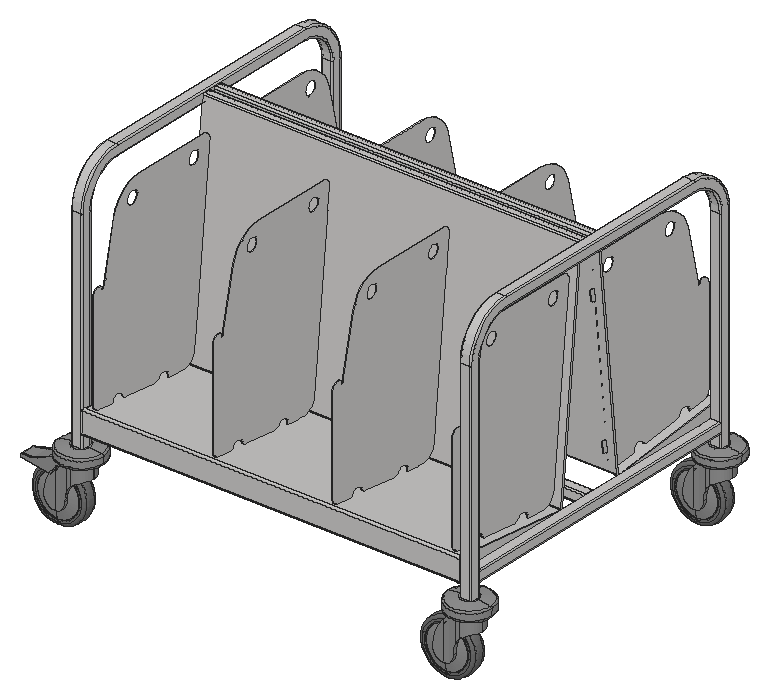
Revit family "QF_BPRO_TWH 2N_575185", category Sonderausstattung, Revit 2018
Family settings
  Bemaßung runder Anschluss = Durchmesser verwenden
  Teiletyp = Normal
  Arbeitsebenenbasiert = Nein
  Immer vertikal = Ja
  Beim Laden mit Abzugskörper schneiden = Nein
  Gemeinsam genutzt = Nein
  Raumberechnungspunkt = Nein
Parameters (values of type "TWH 2N")
  Zubehör = yes
  Warnhinweise = ""
  URL = "https://www.bpro-solutions.com/"
  Typenkommentare = "Tellerwagen"
  Tiefe = 811 mm
  Modell = "TWH 2N"
  Material Stoßschutz = QF_Plastic-Dark_Grey-Matt
  Material Rollen = QF_Plastic-Dark_Grey-Matt
  Material = QF_Metal-Stainless-Steel_general
  Länge Gerätebreite = 984 mm
  Kosten = 1109.9
  Internetadresse für Ersatzteilliste = ""
  Internetadresse Gerätehersteller = "https://www.bpro-solutions.com/"
  ID [instance] = ""
  Höhe = 750 mm
  Hersteller = "B.PRO GmbH"
  Großküchengerätezuordnung = yes
  Gerätegewicht Netto = 44.00 kg
  Freiraum [instance] = no
  CE Kennzeichnung = yes
  Beschreibung durch Hersteller analog Leistungsverzeichnislangtext = "Abmessungen\n\nLänge:\t\t\t984 mm\nBreite:\t\t811 mm  \nHöhe:\t\t750 mm\n\n\nAusführung\n\nDer Tellerwagen ist komplett aus CNS 18/10 hergestellt. Das Rahmengestell besteht aus stabilem Vierkantrohr 25x25 mm. Dazwischen befindet sich die verschweißte Rückwand und das schräg zur Rückwand geneigte Abstellbord.\nAnhand der 8 einhängbaren Trennbleche lassen sich mithilfe des Lochrasters im Boden und der Rückwand die jeweiligen Tellergrößen flexibel einstellen.\nDer Wagen ist zweiseitig beschickbar und passend für Teller mit einem Durchmesser bis max. 260 mm. \n\nDer Tellerwagen ist fahrbar mittels rostfreien Kunststoffrollen gemäß DIN 18867-8 (4 Lenkrollen, davon 2 mit Feststeller, Rollendurchmesser 125 mm). An allen vier Ecken befinden sich runde Wandabweiser.\n\n\nTechnische Daten\n\nWerkstoff:\tCNS 18/10\t\nGesamttragfähigkeit:\t210 kg\t\nKapazität:\t300 Teller, passend für \tTeller max. 260 mm \n\t\n\nBesonderheit\n\n•\tInkl. 8 einhängbarenTrennblechen zur flexiblen Einstellung der gewünschten Tellergröße\n\n\nFabrikat\n\nHersteller:\t\t\tB.PRO\nModell:\tTWH 2N\nBest.Nr.\t575 185"
  Description = "TWH 2N\nTellerwagen für 2-seitige Beschickung,\nniedrige Ausführung,\nkomplett aus rostfreiem Edelstahl,\ninkl. 8 einhängbaren Trennblechen zur\nflexiblen Einstellung auf die jeweilige\nTellergröße,\nBordmaß: 858 x 288 mm\nEntnahmehöhe unten: 255 mm\nFassungsvermögen: bis zu 300 Teller,\nø 26 cm"
  Artikel Nummer = "575185"
Reference planes
  plane 1 "Mitte (Vorne/hinten)": y = 0
  plane 2: z = 0
  plane 3 "Mitte (Links/rechts)": x = 0
  plane 4 "v": x = -441.5
  plane 5 "h": x = 441.5
  plane 6 "l": y = -355
  plane 7 "r": y = 355
  plane 8: x = 454
  plane 9: x = 429
  plane 10: y = 190
  plane 11: y = 165
  plane 12: x = 492.019
  plane 13: y = 405.519
  plane 14: y = -405.519
Forms (mm)
  Extrusion 1, solid, visible <- "Freiraum"
    sketch origin (-330, 330.009, 0) x (1, 0, 0) y (0, 1, 0)
      loop
        line (-162.019, 75.509) -> (-162.019, -735.528) -> (822.019, -735.528) -> (822.019, 75.509) -> (-162.019, 75.509)
    from 0 to 750
  Extrusion 2, solid, material "QF_Metal-Stainless-Steel_general" <- "Material"
    sketch origin (0, 0, 0) x (1, 0, 0) y (0, 0, 1)
      loop
        arc (-451, 226) -> (-453.121, 225.121) -> (-454, 223) r 3
        line (-454, 223) -> (-454, 204)
        arc (-454, 204) -> (-453.121, 201.879) -> (-451, 201) r 3
        line (-451, 201) -> (-432, 201)
        arc (-432, 201) -> (-429.879, 201.879) -> (-429, 204) r 3
        line (-429, 204) -> (-429, 223)
        arc (-429, 223) -> (-429.879, 225.121) -> (-432, 226) r 3
        line (-432, 226) -> (-451, 226)
      loop
        line (451, 226) -> (432, 226)
        arc (432, 226) -> (429.879, 225.121) -> (429, 223) r 3
        line (429, 223) -> (429, 204)
        arc (429, 204) -> (429.879, 201.879) -> (432, 201) r 3
        line (432, 201) -> (451, 201)
        arc (451, 201) -> (453.121, 201.879) -> (454, 204) r 3
        line (454, 204) -> (454, 223)
        arc (454, 223) -> (453.121, 225.121) -> (451, 226) r 3
    from -342.5 to 342.5
  Extrusion 3, solid, material "QF_Metal-Stainless-Steel_general" <- "Material"
    sketch origin (0, -177.5, 0) x (0, 1, 0) y (0, 0, 1)
      loop
        line (-168, 200.156) -> (-168, 201.656) -> (-186.545, 201.656)
        arc (-186.545, 201.656) -> (-187.927, 202.229) -> (-188.5, 203.612) r 1.955
        line (-188.5, 203.612) -> (-188.5, 251.236)
        arc (-188.5, 251.236) -> (-187.828, 252.745) -> (-186.258, 253.255) r 2.03
        line (-186.258, 253.255) -> (94.933, 223.7)
        arc (94.933, 223.7) -> (97.5, 224.461) -> (98.777, 226.813) r 3.498
        line (98.777, 226.813) -> (153.047, 743.162)
        arc (153.047, 743.162) -> (153.698, 744.44) -> (155.036, 744.953) r 2
        line (155.036, 744.953) -> (168.889, 744.953)
        arc (168.889, 744.953) -> (170.3, 744.369) -> (170.885, 742.957) r 1.996
        line (170.885, 742.957) -> (170.885, 731.453) -> (172.385, 731.453) -> (172.385, 742.957)
        arc (172.385, 742.957) -> (171.361, 745.429) -> (168.889, 746.453) r 3.496
        line (168.889, 746.453) -> (155.036, 746.453)
        arc (155.036, 746.453) -> (152.695, 745.554) -> (151.556, 743.319) r 3.5
        line (151.556, 743.319) -> (97.285, 226.97)
        arc (97.285, 226.97) -> (96.556, 225.626) -> (95.09, 225.192) r 1.998
        line (95.09, 225.192) -> (-186.101, 254.747)
        arc (-186.101, 254.747) -> (-188.832, 253.859) -> (-190, 251.236) r 3.53
        line (-190, 251.236) -> (-190, 203.612)
        arc (-190, 203.612) -> (-188.988, 201.168) -> (-186.545, 200.156) r 3.455
        line (-186.545, 200.156) -> (-168, 200.156)
    from -429 to 429
  Extrusion 4, solid, material "QF_Metal-Stainless-Steel_general" <- "Material"
    sketch origin (0, -177.5, 0) x (0, 1, 0) y (0, 0, 1)
      loop
        line (-187, 224.676) -> (-19.744, 207.096) -> (85.814, 205.254)
        arc (85.814, 205.254) -> (92.615, 207.763) -> (95.934, 214.207) r 10
        line (95.934, 214.207) -> (96.91, 223.493) -> (-186.617, 253.292) -> (-187, 251.322) -> (-187, 224.676)
    from 427.5 to 429
  Extrusion 5, solid, material "QF_Metal-Stainless-Steel_general" <- "Material"
    sketch origin (0, -177.5, 0) x (0, 1, 0) y (0, 0, -1)
      loop
        line (-187, -224.676) -> (-187, -251.322) -> (-186.617, -253.292) -> (96.91, -223.493) -> (95.934, -214.207)
        arc (95.934, -214.207) -> (92.615, -207.763) -> (85.814, -205.254) r 10
        line (85.814, -205.254) -> (-19.744, -207.096) -> (-187, -224.676)
    from 427.5 to 429
  Sweep 6, solid, material "QF_Metal-Stainless-Steel_general" <- "Material"
    path origin (0, 0, 0) x (0, 1, 0) y (0, 0, 1)
      loop
        line (355, 161) -> (355, 650)
        arc (355, 650) -> (329.372, 711.872) -> (267.5, 737.5) r 87.5
        line (267.5, 737.5) -> (-267.5, 737.5)
        arc (-267.5, 737.5) -> (-329.372, 711.872) -> (-355, 650) r 87.5
        line (-355, 650) -> (-355, 161)
    profile origin (0, 0, 737.5) x (0, 0, -1) y (1, 0, 0)
      loop
        arc (-12.5, -451) -> (-11.621, -453.121) -> (-9.5, -454) r 3
        line (-9.5, -454) -> (9.5, -454)
        arc (9.5, -454) -> (11.621, -453.121) -> (12.5, -451) r 3
        line (12.5, -451) -> (12.5, -432)
        arc (12.5, -432) -> (11.621, -429.879) -> (9.5, -429) r 3
        line (9.5, -429) -> (-9.5, -429)
        arc (-9.5, -429) -> (-11.621, -429.879) -> (-12.5, -432) r 3
        line (-12.5, -432) -> (-12.5, -451)
  Sweep 7, solid, material "QF_Metal-Stainless-Steel_general" <- "Material"
    path origin (0, 0, 0) x (0, 1, 0) y (0, 0, -1)
      loop
        line (355, -161) -> (355, -650)
        arc (355, -650) -> (329.372, -711.872) -> (267.5, -737.5) r 87.5
        line (267.5, -737.5) -> (-267.5, -737.5)
        arc (-267.5, -737.5) -> (-329.372, -711.872) -> (-355, -650) r 87.5
        line (-355, -650) -> (-355, -161)
    profile origin (0, 0, 737.5) x (0, 0, 1) y (-1, 0, 0)
      loop
        line (12.5, -451) -> (12.5, -432)
        arc (12.5, -432) -> (11.621, -429.879) -> (9.5, -429) r 3
        line (9.5, -429) -> (-9.5, -429)
        arc (-9.5, -429) -> (-11.621, -429.879) -> (-12.5, -432) r 3
        line (-12.5, -432) -> (-12.5, -451)
        arc (-12.5, -451) -> (-11.621, -453.121) -> (-9.5, -454) r 3
        line (-9.5, -454) -> (9.5, -454)
        arc (9.5, -454) -> (11.621, -453.121) -> (12.5, -451) r 3
  Extrusion 8, solid, material "QF_Metal-Stainless-Steel_general" <- "Material"
    sketch origin (0, 177.5, 0) x (0, -1, 0) y (0, 0, -1)
      loop
        line (168, -226) -> (187, -226)
        arc (187, -226) -> (189.121, -225.121) -> (190, -223) r 3
        line (190, -223) -> (190, -204)
        arc (190, -204) -> (189.121, -201.879) -> (187, -201) r 3
        line (187, -201) -> (168, -201)
        arc (168, -201) -> (165.879, -201.879) -> (165, -204) r 3
        line (165, -204) -> (165, -223)
        arc (165, -223) -> (165.879, -225.121) -> (168, -226) r 3
    from -429 to 429
  Extrusion 9, solid, material "QF_Metal-Stainless-Steel_general" <- "Material"
    sketch origin (0, 177.5, 0) x (0, -1, 0) y (0, 0, -1)
      loop
        line (-168, -200.156) -> (-186.545, -200.156)
        arc (-186.545, -200.156) -> (-188.988, -201.168) -> (-190, -203.612) r 3.455
        line (-190, -203.612) -> (-190, -251.236)
        arc (-190, -251.236) -> (-188.832, -253.859) -> (-186.101, -254.747) r 3.53
        line (-186.101, -254.747) -> (95.09, -225.192)
        arc (95.09, -225.192) -> (96.556, -225.626) -> (97.285, -226.97) r 1.998
        line (97.285, -226.97) -> (151.556, -743.319)
        arc (151.556, -743.319) -> (152.695, -745.554) -> (155.036, -746.453) r 3.5
        line (155.036, -746.453) -> (168.889, -746.453)
        arc (168.889, -746.453) -> (171.361, -745.429) -> (172.385, -742.957) r 3.496
        line (172.385, -742.957) -> (172.385, -731.453) -> (170.885, -731.453) -> (170.885, -742.957)
        arc (170.885, -742.957) -> (170.3, -744.369) -> (168.889, -744.953) r 1.996
        line (168.889, -744.953) -> (155.036, -744.953)
        arc (155.036, -744.953) -> (153.698, -744.44) -> (153.047, -743.162) r 2
        line (153.047, -743.162) -> (98.777, -226.813)
        arc (98.777, -226.813) -> (97.5, -224.461) -> (94.933, -223.7) r 3.498
        line (94.933, -223.7) -> (-186.258, -253.255)
        arc (-186.258, -253.255) -> (-187.828, -252.745) -> (-188.5, -251.236) r 2.03
        line (-188.5, -251.236) -> (-188.5, -203.612)
        arc (-188.5, -203.612) -> (-187.927, -202.229) -> (-186.545, -201.656) r 1.955
        line (-186.545, -201.656) -> (-168, -201.656) -> (-168, -200.156)
    from -429 to 429
  Extrusion 10, solid, material "QF_Metal-Stainless-Steel_general" <- "Material"
    sketch origin (0, 177.5, 0) x (0, -1, 0) y (0, 0, -1)
      loop
        line (-187, -224.676) -> (-187, -251.322) -> (-186.617, -253.292) -> (96.91, -223.493) -> (95.934, -214.207)
        arc (95.934, -214.207) -> (92.615, -207.763) -> (85.814, -205.254) r 10
        line (85.814, -205.254) -> (-19.744, -207.096) -> (-187, -224.676)
    from 427.5 to 429
  Extrusion 11, solid, material "QF_Metal-Stainless-Steel_general" <- "Material"
    sketch origin (0, 177.5, 0) x (0, -1, 0) y (0, 0, 1)
      loop
        line (-187, 224.676) -> (-19.744, 207.096) -> (85.814, 205.254)
        arc (85.814, 205.254) -> (92.615, 207.763) -> (95.934, 214.207) r 10
        line (95.934, 214.207) -> (96.91, 223.493) -> (-186.617, 253.292) -> (-187, 251.322) -> (-187, 224.676)
    from 427.5 to 429
Dimensions and locks
  aligned and locked: level to plane 2
Nested families
  nested 1: "Rolle_125mm_Typ1_1" at (-441.5, 355, 0) x (0, -1, 0) z (0, 0, 1), type "Bremse ohne Platte"
  nested 2: "Rolle_125mm_Typ1_1" at (-441.5, -355, 0) x (0, -1, 0) z (0, 0, 1), type "Bremse ohne Platte"
  nested 3: "Rolle_125mm_Typ1_1" at (441.5, -355, 0) x (0, -1, 0) z (0, 0, 1), type "ohne Bremse ohne Platte"
  nested 4: "Rolle_125mm_Typ1_1" at (441.5, 355, 0) x (0, -1, 0) z (0, 0, 1), type "ohne Bremse ohne Platte"
  nested 5: "Stoßschutz_Typ1" at (441.5, 355, 173), type "Stoßschutz_Typ1"
  nested 6: "Stoßschutz_Typ1" at (441.5, -355, 173), type "Stoßschutz_Typ1"
  nested 7: "Stoßschutz_Typ1" at (-441.5, -355, 173), type "Stoßschutz_Typ1"
  nested 8: "Stoßschutz_Typ1" at (-441.5, 355, 173), type "Stoßschutz_Typ1"
  nested 9: "Trennwand_Typ1" at (-408, -362.868, 226), type "Trennwand_Typ1"
  nested 10: "Trennwand_Typ1" at (-136, -362.868, 226), type "Trennwand_Typ1"
  nested 11: "Trennwand_Typ1" at (136, -362.868, 226), type "Trennwand_Typ1"
  nested 12: "Trennwand_Typ1" at (408, -362.868, 226), type "Trennwand_Typ1"
  nested 13: "Trennwand_Typ1" at (-408, 362.868, 226), type "Trennwand_Typ1"
  nested 14: "Trennwand_Typ1" at (-136, 362.868, 226), type "Trennwand_Typ1"
  nested 15: "Trennwand_Typ1" at (136, 362.868, 226), type "Trennwand_Typ1"
  nested 16: "Trennwand_Typ1" at (408, 362.868, 226), type "Trennwand_Typ1"
Definition of nested family "Rolle_125mm_Typ1_1"
  Parameters (values of type "Bremse ohne Platte")
    Meterial Felge = none
    Material Rolle = none
    Material Korpus = none
    Bremse = yes
    Befestigungsplatte = no
  Types (4, lengths in mm): name | Bremse | Befestigungsplatte
    Bremse und Platte | yes | yes
    Bremse ohne Platte | yes | no
    ohne Bremse mit Platte | no | yes
    ohne Bremse ohne Platte | no | no
  Reference planes
    plane 1 "Mitte (Vorne/hinten)": y = 0
    plane 2: z = 0
    plane 3 "Mitte (Links/rechts)": x = 0
    plane 4 "achse": y = -40.006
    plane 5: y = -27.583
    plane 6: y = 27.583
    plane 7: x = -19.406
    plane 8: x = 19.406
  Forms (mm)
    Extrusion 1, solid, material <- "Material Korpus"
      sketch origin (0, 0, 0) x (0, 1, 0) y (0, 0, 1)
        loop
          arc (29.483, 153.125) -> (-36.251, 126.766) -> (-66.01, 62.5) r 95.978
          arc (-66.01, 62.5) -> (-40.006, 36.495) -> (-14.001, 62.5) r 26.005
          arc (-14.001, 62.5) -> (-2.667, 96.712) -> (29.483, 112.998) r 47.282
          line (29.483, 112.998) -> (29.483, 153.125)
      from -29.5 to 29.5
    Extrusion 2, void
      sketch origin (0, 0, 0) x (1, 0, 0) y (0, 1, 0)
        loop
          arc (29.5, 0) -> (29.227, -5.123) -> (28.412, -10.188) r 48.241
          arc (28.412, -10.188) -> (26.103, -25.015) -> (25.536, -40.009) r 128.719
          arc (25.536, -40.009) -> (24.89, -53.073) -> (22.96, -66.01) r 132.493
          line (22.96, -66.01) -> (22.96, -71.01) -> (32.96, -71.01) -> (32.96, 33.99) -> (-32.96, 33.99) -> (-32.96, -71.01) -> (-22.96, -71.01) -> (-22.96, -66.01)
          arc (-22.96, -66.01) -> (-24.89, -53.073) -> (-25.536, -40.009) r 132.493
          arc (-25.536, -40.009) -> (-26.103, -25.015) -> (-28.412, -10.188) r 128.719
          arc (-28.412, -10.188) -> (-29.227, -5.123) -> (-29.5, 0) r 48.241
          arc (-29.5, 0) -> (0, 29.5) -> (29.5, 0) r 29.5
        loop
          arc (24.5, 0) -> (0, 24.5) -> (-24.5, 0) r 24.5
          arc (-24.5, 0) -> (-24.255, -4.592) -> (-23.525, -9.132) r 43.241
          arc (-23.525, -9.132) -> (-21.129, -24.509) -> (-20.536, -40.06) r 133.719
          arc (-20.536, -40.06) -> (-19.888, -52.85) -> (-17.96, -65.51) r 127.493
          line (-17.96, -65.51) -> (-17.96, -76.01) -> (17.96, -76.01) -> (17.96, -65.51)
          arc (17.96, -65.51) -> (19.888, -52.85) -> (20.536, -40.06) r 127.493
          arc (20.536, -40.06) -> (21.129, -24.509) -> (23.525, -9.132) r 133.719
          arc (23.525, -9.132) -> (24.255, -4.592) -> (24.5, 0) r 43.241
      from 0 to 161.3
    Extrusion 3, solid, material <- "Material Korpus"
      sketch origin (0, 0, 0) x (1, 0, 0) y (0, 1, 0)
        loop
          circle (0, 0) r 27.583
        loop
          circle (0, 0) r 22.583
      from 132.308 to 154.969
    Extrusion 4, void
      sketch origin (0, 0, 0) x (0, 1, 0) y (0, 0, 1)
        loop
          arc (29.483, 148.125) -> (-1.46, 142.58) -> (-28.669, 126.834) r 90.978
          line (-28.669, 126.834) -> (29.483, 126.834) -> (29.483, 148.125)
      from -30 to 30
    Extrusion 5, solid, material <- "Material Korpus"
      sketch origin (0, 0, 0) x (0, 1, 0) y (0, 0, 1)
        loop
          arc (0, 148.376) -> (-26.751, 134.682) -> (-47.956, 113.387) r 95.978
          line (-47.956, 113.387) -> (-43.905, 110.457)
          arc (-43.905, 110.457) -> (-24.464, 130.157) -> (0, 143.1) r 90.978
          line (0, 143.1) -> (0, 148.376)
      from -23.033 to 23
    Extrusion 6, void
      sketch origin (0, 0, 0) x (1, 0, 0) y (0, 1, 0)
        loop
          circle (-0.017, 0) r 22.583
      from 106.63 to 154.969
    Extrusion 7, void
      sketch origin (0, 0, 0) x (1, 0, 0) y (0, 1, 0)
        loop
          line (-20.288, -47.956) -> (-20.288, -52.956) -> (20.288, -52.956) -> (20.288, -47.956)
          arc (20.288, -47.956) -> (0, -27.669) -> (-20.288, -47.956) r 20.288
      from 83.979 to 153.125
    Revolve 8, solid, material <- "Material Korpus"
      sketch origin (0, 0, 0) x (0, 1, 0) y (0, 0, 1)
        loop
          line (-27.583, 155.817) -> (-22.583, 155.817) -> (-22.583, 154.969) -> (0, 154.969) -> (0, 160.495) -> (-27.583, 160.495) -> (-27.583, 155.817)
        axis (0, 160.495) -> (0, 154.969)
      angle from 0 to 360
    Extrusion 9, solid, material <- "Material Korpus", visible <- "Befestigungsplatte"
      sketch origin (0, 0, 0) x (1, 0, 0) y (0, 1, 0)
        loop
          line (30, 47.5) -> (-30, 47.5)
          arc (-30, 47.5) -> (-33.536, 46.036) -> (-35, 42.5) r 5
          line (-35, 42.5) -> (-35, -42.5)
          arc (-35, -42.5) -> (-33.536, -46.036) -> (-30, -47.5) r 5
          line (-30, -47.5) -> (30, -47.5)
          arc (30, -47.5) -> (33.536, -46.036) -> (35, -42.5) r 5
          line (35, -42.5) -> (35, 42.5)
          arc (35, 42.5) -> (33.536, 46.036) -> (30, 47.5) r 5
      from 158.8 to 161.3
    Revolve 10, solid, material <- "Material Rolle"
      sketch origin (0, -40.006, 0) x (0, 0, -1) y (1, 0, 0)
        loop
          line (-62.5, -12.996) -> (-14.712, -12.996) -> (-14.629, -14.183)
          arc (-14.629, -14.183) -> (-14.012, -15.475) -> (-12.68, -16) r 1.953
          line (-12.68, -16) -> (-7.356, -16)
          arc (-7.356, -16) -> (-3.064, -14.525) -> (-0.584, -10.724) r 6.984
          arc (-0.584, -10.724) -> (0.747, 0) -> (-0.584, 10.724) r 43.854
          arc (-0.584, 10.724) -> (-3.064, 14.525) -> (-7.356, 16) r 6.984
          line (-7.356, 16) -> (-12.68, 16)
          arc (-12.68, 16) -> (-14.012, 15.475) -> (-14.629, 14.183) r 1.953
          line (-14.629, 14.183) -> (-14.712, 12.996) -> (-62.5, 12.996) -> (-62.5, -12.996)
        axis (-62.5, -16) -> (-62.5, 16)
      angle from 0 to 360
    Revolve 11, solid, material <- "Meterial Felge"
      sketch origin (0, -40.006, 0) x (0, 0, -1) y (1, 0, 0)
        loop
          arc (-62.5, -22.767) -> (-38.311, -20.846) -> (-14.712, -15.198) r 156.034
          line (-14.712, -15.198) -> (-14.712, 15.198)
          arc (-14.712, 15.198) -> (-38.311, 20.846) -> (-62.5, 22.767) r 156.034
          line (-62.5, 22.767) -> (-62.5, -22.767)
        axis (-62.5, -22.767) -> (-62.5, 22.767)
      angle from 0 to 360
    Extrusion 12, solid, material <- "Material Korpus", visible <- "Bremse"
      sketch origin (0, 0, 0) x (0, 1, 0) y (0, 0, 1)
        loop
          arc (-49.4, 105.824) -> (-29.128, 129.052) -> (-2.377, 144.374) r 92.978
          line (-2.377, 144.374) -> (-24.983, 146.448)
          arc (-24.983, 146.448) -> (-43.484, 142.245) -> (-61.13, 135.276) r 124.365
          arc (-61.13, 135.276) -> (-90.048, 124.527) -> (-120.492, 119.527) r 160.001
          arc (-120.492, 119.527) -> (-121.721, 118.993) -> (-122.334, 117.801) r 1.991
          line (-122.334, 117.801) -> (-123.025, 112.581) -> (-49.4, 105.824)
      from -25 to 25
    Extrusion 13, void
      sketch origin (0, 0, 0) x (1, 0, 0) y (0, 1, 0)
        loop
          line (-24.687, -2.377) -> (-40, -2.377) -> (-40, -137.377) -> (-17.56, -137.377)
          arc (-17.56, -137.377) -> (-23.153, -69.984) -> (-24.687, -2.377) r 1125.228
        loop
          arc (-21.687, -2.377) -> (-20.149, -69.984) -> (-14.54, -137.377) r 1122.228
          line (-14.54, -137.377) -> (14.54, -137.377)
          arc (14.54, -137.377) -> (20.149, -69.984) -> (21.687, -2.377) r 1122.228
          line (21.687, -2.377) -> (-21.687, -2.377)
        loop
          arc (24.687, -2.377) -> (23.153, -69.984) -> (17.56, -137.377) r 1125.228
          line (17.56, -137.377) -> (40, -137.377) -> (40, -2.377) -> (24.687, -2.377)
      from 100.163 to 161.8
    Extrusion 14, void
      sketch origin (0, 0, 0) x (1, 0, 0) y (0, 1, 0)
        loop
          circle (0, 0) r 27.583
      from 83.929 to 175.029
    Extrusion 15, solid, material <- "Material Korpus", visible <- "Bremse"
      sketch origin (0, 0, 0) x (0, 1, 0) y (0, 0, 1)
        loop
          line (-12.244, 145.279) -> (-24.983, 146.448)
          arc (-24.983, 146.448) -> (-43.484, 142.245) -> (-61.13, 135.276) r 124.365
          arc (-61.13, 135.276) -> (-90.048, 124.527) -> (-120.492, 119.527) r 160.001
          arc (-120.492, 119.527) -> (-121.721, 118.993) -> (-122.334, 117.801) r 1.991
          line (-122.334, 117.801) -> (-123.013, 112.668) -> (-120.843, 112.381) -> (-120.293, 116.533)
          arc (-120.293, 116.533) -> (-89.279, 121.627) -> (-59.819, 132.578) r 163.001
          arc (-59.819, 132.578) -> (-42.769, 139.326) -> (-24.897, 143.428) r 121.365
          line (-24.897, 143.428) -> (-12.244, 142.267) -> (-12.244, 145.279)
      from -30 to 30
    Extrusion 16, void
      sketch origin (0, 0, 0) x (1, 0, 0) y (0, 1, 0)
        loop
          line (-21.718, -9.744) -> (-35.589, -9.744) -> (-35.589, -127.783) -> (-15.589, -127.783)
          arc (-15.589, -127.783) -> (-20.208, -68.844) -> (-21.718, -9.744) r 1122.228
        loop
          line (15.589, -127.783) -> (35.589, -127.783) -> (35.589, -9.744) -> (21.718, -9.744)
          arc (21.718, -9.744) -> (20.208, -68.844) -> (15.589, -127.783) r 1122.228
      from 95.424 to 163.646
  Cuts and joins
    Extrusion 2 cuts Extrusion 1
    Extrusion 4 cuts Extrusion 3
    Extrusion 6, Extrusion 7 cuts Extrusion 5
    joined: Extrusion 1, Extrusion 3, Extrusion 5
    Extrusion 13, Extrusion 14 cuts Extrusion 12
    Extrusion 14, Extrusion 16 cuts Extrusion 15
  Dimensions and locks
    aligned and locked: level to plane 2
Definition of nested family "Stoßschutz_Typ1"
  Parameters (values of type "Stoßschutz_Typ1")
    Material = none
  Reference planes
    plane 1 "Mitte (Vorne/hinten)": y = 0
    plane 2: z = 0
    plane 3 "Mitte (Links/rechts)": x = 0
    plane 4: z = -13.387
  Forms (mm)
    Revolve 1, solid, material <- "Material"
      sketch origin (0, 0, 0) x (1, 0, 0) y (0, 0, 1)
        loop
          line (0, 0) -> (-20.142, 0)
          arc (-20.142, 0) -> (-33.904, -1.519) -> (-47.593, -3.59) r 344.486
          arc (-47.593, -3.59) -> (-49.69, -4.792) -> (-50.519, -7.062) r 3.522
          line (-50.519, -7.062) -> (-50.519, -22)
          arc (-50.519, -22) -> (-49.933, -23.414) -> (-48.519, -24) r 2
          line (-48.519, -24) -> (-47.519, -24) -> (-47.519, -6.622)
          arc (-47.519, -6.622) -> (-33.8, -4.531) -> (-20.007, -3) r 341.486
          line (-20.007, -3) -> (0, -3) -> (0, 0)
        axis (0, -24) -> (0, 0)
      angle from 0 to 360
  Dimensions and locks
    aligned and locked: level to plane 2
Definition of nested family "Trennwand_Typ1"
  Parameters (values of type "Trennwand_Typ1")
    Material = none
  Reference planes
    plane 1 "Mitte (Vorne/hinten)": y = 0
    plane 2: z = 0
    plane 3 "Mitte (Links/rechts)": x = 0
  Forms (mm)
    Extrusion 1, solid, material <- "Material"
      sketch origin (0, 0, 0) x (0, 1, 0) y (0, 0, 1)
        loop
          line (313.868, 456.463) -> (131.93, 456.463)
          arc (131.93, 456.463) -> (85.155, 440.09) -> (58.803, 398.118) r 75
          line (58.803, 398.118) -> (30.768, 275.019) -> (29.932, 267.063)
          arc (29.932, 267.063) -> (25.426, 263.414) -> (21.777, 267.92) r 4.1
          line (21.777, 267.92) -> (22.238, 272.304) -> (19.523, 275.019) -> (15, 275.019)
          arc (15, 275.019) -> (4.393, 270.626) -> (0, 260.019) r 15
          line (0, 260.019) -> (0, 42.176)
          arc (0, 42.176) -> (3.853, 32.139) -> (13.432, 27.258) r 15
          line (13.432, 27.258) -> (24.565, 26.088) -> (23.723, 18.083)
          arc (23.723, 18.083) -> (24.582, 15.183) -> (27.24, 13.74) r 3.951
          line (27.24, 13.74) -> (48.132, 11.545)
          arc (48.132, 11.545) -> (51.098, 12.423) -> (52.574, 15.142) r 4.042
          line (52.574, 15.142) -> (53.406, 23.056)
          arc (53.406, 23.056) -> (65.429, 36.177) -> (81.491, 28.515) r 14.959
          arc (81.491, 28.515) -> (86.32, 21.872) -> (93.935, 18.797) r 14.902
          line (93.935, 18.797) -> (172.046, 10.587)
          arc (172.046, 10.587) -> (180.134, 12.012) -> (186.238, 17.506) r 14.902
          arc (186.238, 17.506) -> (203.542, 21.66) -> (212.574, 6.327) r 14.959
          line (212.574, 6.327) -> (211.733, -1.678)
          arc (211.733, -1.678) -> (212.592, -4.577) -> (215.25, -6.02) r 3.951
          line (215.25, -6.02) -> (236.142, -8.216)
          arc (236.142, -8.216) -> (239.108, -7.338) -> (240.584, -4.619) r 4.042
          line (240.584, -4.619) -> (241.416, 3.296) -> (252.609, 2.119)
          arc (252.609, 2.119) -> (274.624, 8.641) -> (285.58, 28.819) r 30
          line (285.58, 28.819) -> (287.566, 47.71) -> (290.05, 47.449) -> (289.748, 44.573)
          arc (289.748, 44.573) -> (290.114, 43.05) -> (291.478, 42.278) r 1.965
          line (291.478, 42.278) -> (293.013, 42.117)
          arc (293.013, 42.117) -> (295.947, 42.986) -> (297.407, 45.675) r 3.998
          line (297.407, 45.675) -> (299.198, 62.719)
          arc (299.198, 62.719) -> (298.271, 65.57) -> (295.624, 66.978) r 4.002
          line (295.624, 66.978) -> (289.657, 67.605) -> (321.537, 370.93) -> (324.022, 370.669) -> (323.72, 367.793)
          arc (323.72, 367.793) -> (324.086, 366.269) -> (325.449, 365.498) r 1.965
          line (325.449, 365.498) -> (326.984, 365.336)
          arc (326.984, 365.336) -> (329.918, 366.206) -> (331.379, 368.895) r 3.998
          line (331.379, 368.895) -> (333.17, 385.938)
          arc (333.17, 385.938) -> (332.243, 388.79) -> (329.596, 390.198) r 4.002
          line (329.596, 390.198) -> (323.628, 390.825) -> (328.786, 439.896)
          arc (328.786, 439.896) -> (325.015, 451.5) -> (313.868, 456.463) r 15
        loop
          circle (109.586, 416.429) r 15
        loop
          circle (284.586, 421.038) r 15
      from -1 to 1
  Dimensions and locks
    aligned and locked: level to plane 2
